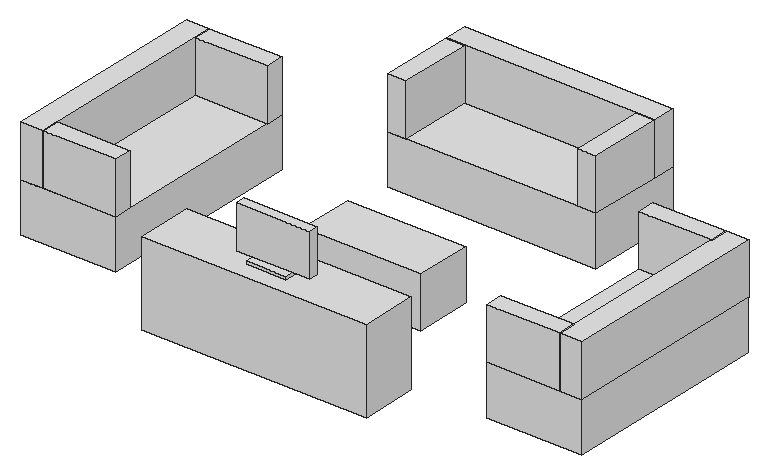
Revit family "LE Lounge Layout", category Furniture, Revit 2018
Family settings
  OmniClass Number = 23.40.20.00
  OmniClass Title = General Furniture and Specialties
  Work Plane-Based = No
  Always vertical = Yes
  Cut with Voids When Loaded = No
  Shared = No
  Room Calculation Point = No
Parameters (values of type "9 Person - 3 Seat, 3 Seat, and 3 Seat")
  Width = 3500 mm
  URL = "https://studiole.uk"
  TV = LE Screen : 650x220mm TV
  Right Seat Visibility = yes
  Right Seat = LE Sofa : 1850x850mm 3 Seat Sofa
  Outline = yes
  Middle Seat Visibility = yes
  Middle Seat = LE Sofa : 1850x850mm 3 Seat Sofa
  Media Unit = LE Storage : 500x2000mm Storage Unit 5 Person
  Manufacturer = "LE"
  Length = 5000 mm
  Left Seat Visibility = yes
  Left Seat = LE Sofa : 1850x850mm 3 Seat Sofa
  Half Storage Depth = 500 mm / 2  # 250 mm
  Half Sofa Depth = 850 mm / 2  # 425 mm
  Corner Outline = no
  Corner Length = 3500 mm
  Coffee Table Offset = 500 mm + 500 mm  # 1000 mm
Types (5, lengths in mm): name | Width | Right Seat | Outline | Middle Seat | Media Unit | Length | Left Seat Visibility | Left Seat | Corner Outline | Corner Length
  4 Person Corner - 3 Seat and Armchair | 3100 | LE Sofa : 850x850mm Armchair | no | LE Sofa : 1850x850mm 3 Seat Sofa | LE Storage : 500x1500mm Storage Unit 4 Person | 4250 | no | LE Sofa : 850x850mm Armchair | yes | 3050
  6 Person - 3 Seat, 2 Seat, and Armchair | 3100 | LE Sofa : 1300x850mm 2 Seat Sofa | yes | LE Sofa : 1850x850mm 3 Seat Sofa | LE Storage : 500x2000mm Storage Unit 5 Person | 4250 | yes | LE Sofa : 850x850mm Armchair | no | 3500
  4 Person Corner - 2 Seat and 2 Seat | 3100 | LE Sofa : 1300x850mm 2 Seat Sofa | no | LE Sofa : 1300x850mm 2 Seat Sofa | LE Storage : 500x1500mm Storage Unit 4 Person | 4250 | no | LE Sofa : 850x850mm Armchair | yes | 2875
  9 Person - 3 Seat, 3 Seat, and 3 Seat | 3500 | LE Sofa : 1850x850mm 3 Seat Sofa | yes | LE Sofa : 1850x850mm 3 Seat Sofa | LE Storage : 500x2000mm Storage Unit 5 Person | 5000 | yes | LE Sofa : 1850x850mm 3 Seat Sofa | no | 3500
  6 Person Corner - 3 Seat and 3 Seat | 3500 | LE Sofa : 1850x850mm 3 Seat Sofa | no | LE Sofa : 1850x850mm 3 Seat Sofa | LE Storage : 500x2000mm Storage Unit 5 Person | 5000 | no | LE Sofa : 1850x850mm 3 Seat Sofa | yes | 3500
Reference planes
  plane 1 "Center (Front/Back)": y = 0
  plane 2: z = 0
  plane 3 "Center (Left/Right)": x = 0
  plane 4 "Left": x = -2500
  plane 5 "Right": x = 2500
  plane 6 "Back": y = 1750
  plane 7 "Front": y = -1750
  plane 8 "Sofa Left": x = -2075
  plane 9 "Sofa Right": x = 2075
  plane 10 "Sofa Mid": y = 1325
  plane 11 "Screen": y = -1500
  plane 12 "Coffee Table": y = -300
  plane 13 "Sofa Centre Line": y = -300
  plane 14: y = 900
  plane 15 "Corner Left": x = -1000
Lines and regions (mm)
  model lines, style "FurnitureHiddenLines", visible <- "Corner Outline"
    curve 1: line (2500, -1750, 0) -> (-1000, -1750, 0)
    curve 2: line (2500, 1750, 0) -> (2500, -1750, 0)
    curve 3: line (-1000, 1750, 0) -> (2500, 1750, 0)
    curve 4: line (-1000, -1750, 0) -> (-1000, 1750, 0)
  model lines, style "FurnitureHiddenLines", visible <- "Outline"
    curve 5: line (-2500, 1750, 0) -> (2500, 1750, 0)
    curve 6: line (-2500, -1750, 0) -> (-2500, 1750, 0)
    curve 7: line (2500, -1750, 0) -> (-2500, -1750, 0)
    curve 8: line (2500, 1750, 0) -> (2500, -1750, 0)
Dimensions and locks
  equal spacing: plane 4 "Left", plane 3 "Center (Left/Right)", plane 5 "Right"
  "Length": plane 4 "Left" to plane 5 "Right"
  equal spacing: plane 6 "Back", plane 1 "Center (Front/Back)", plane 7 "Front"
  "Width": plane 6 "Back" to plane 7 "Front"
  locked: nested 2 to plane 3 "Center (Left/Right)"
  locked: plane 10 "Sofa Mid" to nested 2
  locked: plane 11 "Screen" to nested 1
  locked: nested 1 to plane 3 "Center (Left/Right)"
  locked: plane 3 "Center (Left/Right)" to nested 3 at 0
  locked: nested 3 to plane 11 "Screen" at 0
  "Half Sofa Depth": plane 10 "Sofa Mid" to plane 6 "Back"
  "Half Storage Depth": plane 11 "Screen" to plane 7 "Front"
  locked: plane 3 "Center (Left/Right)" to nested 4
  locked: plane 12 "Coffee Table" to nested 4
  locked: nested 5 to plane 13 "Sofa Centre Line"
  locked: nested 5 to plane 8 "Sofa Left" at 0
  locked: nested 6 to plane 9 "Sofa Right"
  locked: nested 6 to plane 13 "Sofa Centre Line" at 0
  "Half Sofa Depth": plane 9 "Sofa Right" to plane 5 "Right"
  "Half Sofa Depth": plane 4 "Left" to plane 8 "Sofa Left"
  equal spacing: plane 14, plane 13 "Sofa Centre Line", plane 11 "Screen"
  "Half Sofa Depth": plane 10 "Sofa Mid" to plane 14
  equal spacing: plane 14, plane 12 "Coffee Table", plane 11 "Screen"
  "Corner Length": plane 15 "Corner Left" to plane 5 "Right"
  aligned and locked: level to plane 2
Automatic sketch dimensions
  curve 5 to plane 4 "Left" = 0 mm
  plane 6 "Back" to curve 3 = 0 mm
  curve 3 to plane 15 "Corner Left" = 0 mm
  curve 2 to plane 5 "Right" = 0 mm
  curve 1 to plane 7 "Front" = 0 mm
Nested families
  nested 1: "LE Storage" at (0, -1500, 0), type <- "Media Unit", type "500x2000mm Storage Unit 5 Person"
  nested 2: "LE Sofa" at (0, 1325, 0), type <- "Middle Seat", visible <- "Middle Seat Visibility", type "1850x850mm 3 Seat Sofa"
  nested 3: "LE Screen" at (0, -1500, 750) x (-1, 0, 0) z (0, 0, 1), type <- "TV", type "650x220mm TV"
  nested 4: "LE Storage" at (0, -300, 0), type "1050x500mm Coffee Table"
  nested 5: "LE Sofa" at (-2075, -300, 0) x (0, 1, 0) z (0, 0, 1), type <- "Left Seat", visible <- "Left Seat Visibility", type "1850x850mm 3 Seat Sofa"
  nested 6: "LE Sofa" at (2075, -300, 0) x (0, -1, 0) z (0, 0, 1), type <- "Right Seat", visible <- "Right Seat Visibility", type "1850x850mm 3 Seat Sofa"
Definition of nested family "LE Storage"
  Parameters (values of type "1050x500mm Coffee Table")
    URL = "https://studiole.uk"
    Manufacturer = "LE"
    Length = 1050 mm
    Height = 450 mm
    Hangers = no
    Hanger Length = 450 mm
    Hanger End Offset = 120 mm
    Hanger Count = 5
    Hanger Centres = 75 mm
    Frame Material = none
    Depth = 500 mm
  Types (8, lengths in mm): name | Length | Height | Hangers | Depth
    1200x600mm Double Wardrobe | 1000 | 400 | no | 500
    1800x600mm Large Wardobe | 1800 | 2000 | yes | 600
    750x450mm Chest of Drawers | 750 | 800 | no | 450
    450x450mm Occasional Table | 450 | 740 | no | 450
    1050x500mm Coffee Table | 1050 | 450 | no | 500
    500x1000mm Storage Unit 2 Person | 1000 | 400 | no | 500
    500x1500mm Storage Unit 4 Person | 1500 | 740 | no | 500
    500x2000mm Storage Unit 5 Person | 2000 | 740 | no | 500
  Reference planes
    plane 1 "Center (Front/Back)": y = 0
    plane 2: z = 0
    plane 3 "Center (Left/Right)": x = 0
    plane 4 "Left": x = -525
    plane 5 "Right": x = 525
    plane 6 "Front": y = -250
    plane 7 "Back": y = 250
    plane 8 "Top": z = 450
    plane 9: y = 225
    plane 10: y = -225
  Forms (mm)
    Extrusion 1, solid, material <- "Frame Material"
      sketch origin (0, 0, 0) x (1, 0, 0) y (0, 1, 0)
        loop
          line (-525, -250) -> (525, -250) -> (525, 250) -> (-525, 250) -> (-525, -250)
      from 0 to 450 <- "Height"
  Lines and regions (mm)
    model lines, visible <- "Hangers"
      curve 1: line (-525, 0, 450) -> (525, 0, 450)
      curve 2: line (-405, 225, 740) -> (-405, -225, 740)
      curve 3: line (-330, 225, 740) -> (-330, -225, 740)
      curve 4: line (-255, 225, 740) -> (-255, -225, 740)
      curve 5: line (-180, 225, 740) -> (-180, -225, 740)
      curve 6: line (-105, 225, 740) -> (-105, -225, 740)
  Dimensions and locks
    equal spacing: plane 7 "Back", plane 1 "Center (Front/Back)", plane 6 "Front"
    equal spacing: plane 4 "Left", plane 3 "Center (Left/Right)", plane 5 "Right"
    "Length": plane 4 "Left" to plane 5 "Right"
    "Depth": plane 7 "Back" to plane 6 "Front"
    "Height": plane 8 "Top" to plane 2
    equal spacing: plane 9, plane 1 "Center (Front/Back)", plane 10
    "Hanger Length": plane 9 to plane 10
    "Hanger End Offset": plane 4 "Left" to curve 2
    equal spacing: group 1, group 2, group 3, group 4, group 5  (x3)
    "Hanger Centres": curve 3 to curve 2
    aligned and locked: level to plane 2
  Automatic sketch dimensions
    Extrusion 1 sketch curve to plane 4 "Left" = 0 mm
    Extrusion 1 sketch curve to plane 5 "Right" = 0 mm
    Extrusion 1 sketch curve to plane 6 "Front" = 0 mm
    Extrusion 1 sketch curve to plane 7 "Back" = 0 mm
    plane 1 "Center (Front/Back)" to curve 1 = 0 mm
    curve 1 to plane 5 "Right" = 0 mm
    curve 1 to plane 4 "Left" = 0 mm
    curve 2 to curve 2 = 450 mm
    curve 3 to curve 3 = 450 mm
    curve 4 to curve 4 = 450 mm
    curve 5 to curve 5 = 450 mm
    curve 6 to curve 6 = 450 mm
Definition of nested family "LE Sofa"
  Parameters (values of type "1300x850mm 2 Seat Sofa")
    Width = 1300 mm
    URL = "https://studiole.uk"
    Seats = 2
    Seat Height = 440 mm
    Manufacturer = "LE"
    Line Count = Seats + 1  # 3
    Height = 400 mm
    Depth = 850 mm
    Sofa Material = none
    Backrest Depth = 200 mm
    Back Height = 900 mm
    Armrest Width = 160 mm
  Types (4, lengths in mm): name | Width | Seats | Line Count
    (no name) | 1300 | 2 | 3
    1300x850mm 2 Seat Sofa | 1300 | 2 | 3
    850x850mm Armchair | 850 | 1 | 2
    1850x850mm 3 Seat Sofa | 1850 | 3 | 4
  Reference planes
    plane 1 "Center (Front/Back)": y = 0
    plane 2: z = 0
    plane 3 "Center (Left/Right)": x = 0
    plane 4 "Left": x = -650
    plane 5 "Right": x = 650
    plane 6 "Back": y = 425
    plane 7 "Front": y = -425
    plane 8: y = 225
    plane 9: x = -490
    plane 10: x = 490
    plane 11 "Seat Height": z = 440
  Forms (mm)
    Extrusion 1, solid, material <- "Sofa Material"
      sketch origin (0, 0, 0) x (1, 0, 0) y (0, 1, 0)
        loop
          line (-650, 425) -> (-650, -425) -> (650, -425) -> (650, 425) -> (-650, 425)
      from 0 to 440 <- "Seat Height"
    Extrusion 2, solid, material <- "Sofa Material"
      sketch origin (0, 0, 0) x (1, 0, 0) y (0, 1, 0)
        loop
          line (-650, 225) -> (650, 225) -> (650, 425) -> (-650, 425) -> (-650, 225)
      from 440 <- "Seat Height" to 900 <- "Back Height"
    Extrusion 3, solid, material <- "Sofa Material"
      sketch origin (0, 0, 0) x (1, 0, 0) y (0, 1, 0)
        loop
          line (-490, -425) -> (-490, 225) -> (-650, 225) -> (-650, -425) -> (-490, -425)
      from 440 <- "Seat Height" to 900 <- "Back Height"
    Extrusion 4, solid, material <- "Sofa Material"
      sketch origin (0, 0, 0) x (1, 0, 0) y (0, 1, 0)
        loop
          line (490, -425) -> (650, -425) -> (650, 225) -> (490, 225) -> (490, -425)
      from 440 <- "Seat Height" to 900 <- "Back Height"
  Lines and regions (mm)
    model lines
      curve 1: line (-490, 225, 440) -> (-490, -425, 440)
      curve 2: line (490, 225, 440) -> (490, -425, 440)
      curve 3: line (0, 225, 440) -> (0, -425, 440)
  Dimensions and locks
    equal spacing: plane 4 "Left", plane 3 "Center (Left/Right)", plane 5 "Right"
    "Width": plane 4 "Left" to plane 5 "Right"
    "Depth": plane 7 "Front" to plane 6 "Back"
    equal spacing: plane 7 "Front", plane 1 "Center (Front/Back)", plane 6 "Back"
    "Backrest Depth": plane 6 "Back" to plane 8
    "Armrest Width": plane 4 "Left" to plane 9
    "Armrest Width": plane 10 to plane 5 "Right"
    "Seat Height": plane 11 "Seat Height" to plane 2
    equal spacing: group 1, group 3, group 2  (x3)
    locked: plane 9 to curve 1 at 0
    locked: plane 10 to curve 2
    aligned and locked: level to plane 2
  Automatic sketch dimensions
    Extrusion 1 sketch curve to plane 4 "Left" = 0 mm
    Extrusion 1 sketch curve to plane 5 "Right" = 0 mm
    plane 7 "Front" to Extrusion 1 sketch curve = 0 mm
    Extrusion 1 sketch curve to plane 6 "Back" = 0 mm
    Extrusion 2 sketch curve to plane 4 "Left" = 0 mm
    Extrusion 2 sketch curve to plane 5 "Right" = 0 mm
    Extrusion 2 sketch curve to plane 8 = 0 mm
    Extrusion 2 sketch curve to plane 6 "Back" = 0 mm
    Extrusion 3 sketch curve to plane 4 "Left" = 0 mm
    Extrusion 3 sketch curve to plane 8 = 0 mm
    Extrusion 3 sketch curve to plane 9 = 0 mm
    plane 7 "Front" to Extrusion 3 sketch curve = 0 mm
    Extrusion 4 sketch curve to plane 8 = 0 mm
    Extrusion 4 sketch curve to plane 10 = 0 mm
    Extrusion 4 sketch curve to plane 5 "Right" = 0 mm
    plane 7 "Front" to Extrusion 4 sketch curve = 0 mm
Definition of nested family "LE Screen"
  Parameters (values of type "650x220mm TV")
    Width = 650 mm
    Viewing Line - Visibility = no
    Viewing Distance = 2000 mm
    Viewing Angle - Visibility = yes
    Viewing Angle = 45.00°
    Stand Width = 350 mm
    Stand Height = 25 mm
    Stand Depth = 220 mm
    Screen Material = none
    Screen Diagonal = sqrt(Width ^ 2 + Height ^ 2)  # 766.511 mm
    Screen Diagnonal Inches = Screen Diagonal / 25.4  # 30.178 mm
    Height = Width * (10 / 16)  # 406.25 mm
    Stand Material = none
    Depth = 220 mm
  Types (4, lengths in mm): name | Width | Viewing Distance | Viewing Angle | Stand Width | Screen Diagonal | Screen Diagnonal Inches | Height | Depth
    (no name) | 650 | 2000 | 45.00° | 350 | 766.511 | 30.178 | 406.25 | 220
    650x220mm TV | 650 | 2000 | 45.00° | 350 | 766.511 | 30.178 | 406.25 | 220
    1100x220mm TV 49" | 1100 | 2000 | 45.00° | 450 | 1297.172 | 51.07 | 687.5 | 220
    550x180mm Monitor 24" | 550 | 500 | 30.00° | 300 | 648.586 | 25.535 | 343.75 | 180
  Reference planes
    plane 1 "Center (Front/Back)": y = 0
    plane 2: z = 0
    plane 3 "Center (Left/Right)": x = 0
    plane 4 "Left": x = -325
    plane 5 "Right": x = 325
    plane 6 "Back": y = 110
    plane 7 "Front": y = -110
    plane 8: x = -175
    plane 9: x = 175
    plane 10: y = 40
    plane 11: y = -40
  Forms (mm)
    Extrusion 1, solid, material <- "Stand Material"
      sketch origin (0, 0, 0) x (1, 0, 0) y (0, 1, 0)
        loop
          line (-175, 110) -> (-175, -110) -> (175, -110) -> (175, 110) -> (-175, 110)
      from 0 to 25 <- "Stand Height"
    Extrusion 2, solid, material <- "Screen Material"
      sketch origin (0, 0, 0) x (1, 0, 0) y (0, 1, 0)
        loop
          line (-325, -40) -> (325, -40) -> (325, 40) -> (-325, 40) -> (-325, -40)
      from 25 <- "Stand Height" to 406.25 <- "Height"
  Lines and regions (mm)
    model lines, visible <- "Viewing Angle - Visibility"
      curve 1: line (-325, -40, 0) -> (-1739.214, -1454.214, 0)
      curve 2: line (325, -40, 0) -> (1739.214, -1454.214, 0)
      curve 3: arc (-1739.214, -1454.214, 0) -> (-1090.367, -1887.759, 0) -> (-325, -2040, 0) r 2000
      curve 4: arc (1739.214, -1454.214, 0) -> (1090.367, -1887.759, 0) -> (325, -2040, 0) r 2000
    model lines
      curve 5: line (-325, -2040, 0) -> (325, -2040, 0)
    model lines, visible <- "Viewing Line - Visibility"
      curve 6: line (-325, -40, 0) -> (-325, -2040, 0)
      curve 7: line (325, -40, 0) -> (325, -2040, 0)
  Dimensions and locks
    equal spacing: plane 6 "Back", plane 1 "Center (Front/Back)", plane 7 "Front"
    equal spacing: plane 4 "Left", plane 3 "Center (Left/Right)", plane 5 "Right"
    "Stand Depth": plane 6 "Back" to plane 7 "Front"
    "Width": plane 4 "Left" to plane 5 "Right"
    "Stand Width": plane 8 to plane 9
    equal spacing: plane 8, plane 3 "Center (Left/Right)", plane 9
    plane 10 to plane 11 = 80 mm
    equal spacing: plane 10, plane 1 "Center (Front/Back)", plane 11
    "Viewing Distance": curve 1 to curve 1
    "Viewing Distance": curve 2 to curve 2
    "Viewing Angle": angle curve 1 to plane 4 "Left"
    "Viewing Angle": angle plane 5 "Right" to curve 2
    aligned and locked: level to plane 2
  Automatic sketch dimensions
    Extrusion 1 sketch curve to plane 7 "Front" = 0 mm
    Extrusion 1 sketch curve to plane 8 = 0 mm
    Extrusion 1 sketch curve to plane 9 = 0 mm
    plane 6 "Back" to Extrusion 1 sketch curve = 0 mm
    Extrusion 2 sketch curve to plane 4 "Left" = 0 mm
    Extrusion 2 sketch curve to plane 5 "Right" = 0 mm
    Extrusion 2 sketch curve to plane 11 = 0 mm
    plane 10 to Extrusion 2 sketch curve = 0 mm
    curve 5 to plane 4 "Left" = 0 mm
    curve 4 to plane 5 "Right" = 0 mm
    curve 3 to plane 11 = 0 mm
    curve 6 to plane 11 = 0 mm
    curve 2 to plane 11 = 0 mm
